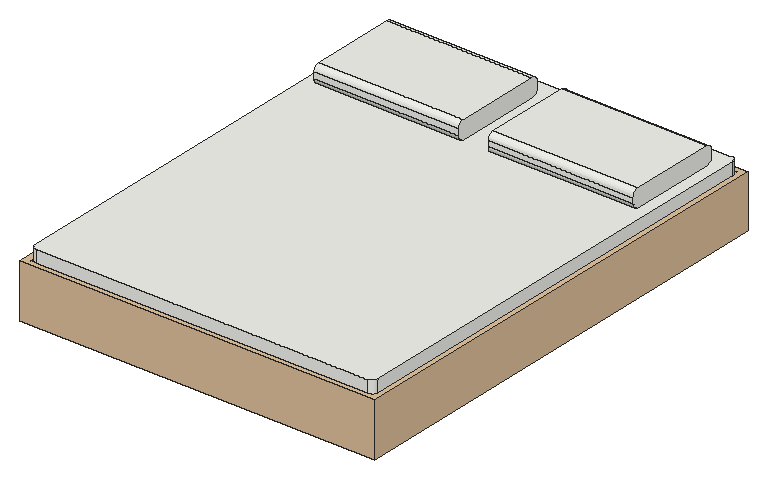
Revit family "M_Cama-Caixa", category Mobiliário, Revit 2019
Family settings
  Número OmniClass = 23.40.20.17.14.11
  Título OmniClass = Beds
  ID de item do Seek = Bed-Box-0000-CAN-ENU
  Com base no plano de trabalho = Não
  Sempre na vertical = Sim
  Corte com vazios quando carregada = Não
  Compartilhado = Não
  Ponto de cálculo do ambiente = Não
Parameters (values of type "1525 x 2007 mm - Queen")
  Material da moldura = Bétula
  Comprimento = 2007.00 mm
  Material do colchão = Linho, branco
  Largura = 1525.00 mm
Types (4, lengths in mm): name | Comprimento | Largura
  (no name) | 2007.00 | 1525.00
  1346 x 1880 mm - Casal | 1880.00 | 1346.00
  1525 x 2007 mm - Queen | 2007.00 | 1525.00
  0965 x 1880 mm - Solteiro | 1880.00 | 965.00
Reference planes
  plane 1 "Centro (Frente/Trás)": y = -234.43
  plane 2: z = 0
  plane 3 "Centro (Esquerda/Direita)": x = 339.152
  plane 4: y = 769.07
  plane 5: y = -1237.93
  plane 6: x = -423.348
  plane 7: x = 1101.652
  plane 8: z = 177.8
  plane 9: y = 667.47
  plane 10: y = 248.37
Forms (mm)
  Sweep 1, solid, material "Bétula" <- "Material da moldura"
    path origin (0, -1237.93, 0) x (1, 0, 0) y (0, 0, 1)
      loop
        line (-397.948, 177.8) -> (-347.148, 177.8) -> (-271.077, 14.665)
        arc (-271.077, 14.665) -> (-261.704, 3.978) -> (-248.056, 0) r 25.4
        line (-248.056, 0) -> (-169.444, 0)
        arc (-169.444, 0) -> (-162.87, 0.865) -> (-156.744, 3.403) r 25.4
        line (-156.744, 3.403) -> (-96.647, 38.1) -> (774.952, 38.1) -> (835.049, 3.403)
        arc (835.049, 3.403) -> (841.175, 0.865) -> (847.749, 0) r 25.4
        line (847.749, 0) -> (926.361, 0)
        arc (926.361, 0) -> (940.009, 3.978) -> (949.382, 14.665) r 25.4
        line (949.382, 14.665) -> (1025.452, 177.8) -> (1076.252, 177.8)
    profile origin (-372.548, -1237.93, 0) x (0, 0, 1) y (0, -1, 0)
      loop
        line (196.85, -228.6) -> (177.8, -228.6) -> (177.8, -304.8) -> (196.85, -304.8) -> (196.85, -228.6)
  Extrusion 2, solid, material "Linho, branco" <- "Material do colchão"
    sketch origin (0, 0, 406.4) x (1, 0, 0) y (0, 1, 0)
      loop
        line (1050.852, 743.67) -> (-372.548, 743.67)
        arc (-372.548, 743.67) -> (-390.508, 736.231) -> (-397.948, 718.27) r 25.4
        line (-397.948, 718.27) -> (-397.948, -1187.13)
        arc (-397.948, -1187.13) -> (-390.508, -1205.09) -> (-372.548, -1212.53) r 25.4
        line (-372.548, -1212.53) -> (1050.852, -1212.53)
        arc (1050.852, -1212.53) -> (1068.813, -1205.09) -> (1076.252, -1187.13) r 25.4
        line (1076.252, -1187.13) -> (1076.252, 718.27)
        arc (1076.252, 718.27) -> (1068.813, 736.231) -> (1050.852, 743.67) r 25.4
    from 0 to -203.2
  Sweep 3, solid, material "Bétula" <- "Material da moldura"
    path origin (0, 769.07, 0) x (1, 0, 0) y (0, 0, 1)
      loop
        line (-397.623, 177.8) -> (-346.823, 177.8) -> (-270.752, 14.665)
        arc (-270.752, 14.665) -> (-261.38, 3.978) -> (-247.732, 0) r 25.4
        line (-247.732, 0) -> (-169.12, 0)
        arc (-169.12, 0) -> (-162.546, 0.865) -> (-156.42, 3.403) r 25.4
        line (-156.42, 3.403) -> (-96.323, 38.1) -> (774.952, 38.1) -> (835.049, 3.403)
        arc (835.049, 3.403) -> (841.175, 0.865) -> (847.749, 0) r 25.4
        line (847.749, 0) -> (926.361, 0)
        arc (926.361, 0) -> (940.009, 3.978) -> (949.382, 14.665) r 25.4
        line (949.382, 14.665) -> (1025.452, 177.8) -> (1076.252, 177.8)
    profile origin (-372.223, 769.07, 0) x (0, 0, 1) y (0, -1, 0)
      loop
        line (177.8, 330.2) -> (177.8, 254) -> (196.85, 254) -> (196.85, 330.2) -> (177.8, 330.2)
  Extrusion 4, solid, material "Bétula" <- "Material da moldura"
    sketch origin (0, 0, 0) x (1, 0, 0) y (0, 1, 0)
      loop
        line (-423.348, 769.07) -> (-423.348, -1237.93) -> (1101.652, -1237.93) -> (1101.652, 769.07) -> (-423.348, 769.07)
      loop
        line (-397.948, 743.67) -> (-397.948, -1212.53) -> (1076.252, -1212.53) -> (1076.252, 743.67) -> (-397.948, 743.67)
    from 127 to 355.6
  Sweep 5, solid, material "Linho, branco" <- "Material do colchão"
    path origin (0, 0, 0) x (1, 0, 0) y (0, 1, 0)
      loop
        line (-347.148, 667.47) -> (275.652, 667.47)
    profile origin (-35.748, 0, 0) x (0, 1, 0) y (0, 0, 1)
      loop
        line (273.77, 406.4) -> (642.07, 406.4)
        arc (642.07, 406.4) -> (660.031, 413.839) -> (667.47, 431.8) r 25.4
        line (667.47, 431.8) -> (667.47, 457.2)
        arc (667.47, 457.2) -> (660.031, 475.161) -> (642.07, 482.6) r 25.4
        line (642.07, 482.6) -> (273.77, 482.6)
        arc (273.77, 482.6) -> (255.81, 475.161) -> (248.37, 457.2) r 25.4
        line (248.37, 457.2) -> (248.37, 431.8)
        arc (248.37, 431.8) -> (255.81, 413.839) -> (273.77, 406.4) r 25.4
  Sweep 6, solid, material "Linho, branco" <- "Material do colchão"
    path origin (749.3, 0, 0) x (1, 0, 0) y (0, 1, 0)
      loop
        line (-346.648, 667.47) -> (276.152, 667.47)
    profile origin (714.052, 0, 0) x (0, 1, 0) y (0, 0, 1)
      loop
        line (273.77, 406.4) -> (642.07, 406.4)
        arc (642.07, 406.4) -> (660.031, 413.839) -> (667.47, 431.8) r 25.4
        line (667.47, 431.8) -> (667.47, 457.2)
        arc (667.47, 457.2) -> (660.031, 475.161) -> (642.07, 482.6) r 25.4
        line (642.07, 482.6) -> (273.77, 482.6)
        arc (273.77, 482.6) -> (255.81, 475.161) -> (248.37, 457.2) r 25.4
        line (248.37, 457.2) -> (248.37, 431.8)
        arc (248.37, 431.8) -> (255.81, 413.839) -> (273.77, 406.4) r 25.4
Lines and regions (mm)
  Masking region 1
    outline origin (0, 0, 0) x (1, 0, 0) y (0, 1, 0)
      loop
        line (-423.348, 769.07) -> (-423.348, -1237.93) -> (1101.652, -1237.93) -> (1101.652, 769.07) -> (-423.348, 769.07)
  symbolic lines
    curve 1: line (-423.348, 769.07, 0) -> (1101.652, 769.07, 0)
    curve 2: line (-423.348, 769.07, 0) -> (-423.348, -1237.93, 0)
    curve 3: line (-423.348, -1237.93, 0) -> (1101.652, -1237.93, 0)
    curve 4: line (1101.652, 769.07, 0) -> (1101.652, -1237.93, 0)
    curve 5: line (-397.948, 743.67, 0) -> (1076.252, 743.67, 0)
    curve 6: line (-397.948, 743.67, 0) -> (-397.948, -1212.53, 0)
    curve 7: line (-397.948, -1212.53, 0) -> (1076.252, -1212.53, 0)
    curve 8: line (1076.252, 743.67, 0) -> (1076.252, -1212.53, 0)
    curve 9: line (-347.148, 667.47, 0) -> (275.652, 667.47, 0)
    curve 10: line (-347.148, 667.47, 0) -> (-347.148, 248.17, 0)
    curve 11: line (-347.148, 248.17, 0) -> (275.652, 248.17, 0)
    curve 12: line (275.652, 667.47, 0) -> (275.652, 248.17, 0)
    curve 13: line (402.652, 667.47, 0) -> (1025.452, 667.47, 0)
    curve 14: line (402.652, 667.47, 0) -> (402.652, 248.17, 0)
    curve 15: line (402.652, 248.17, 0) -> (1025.452, 248.17, 0)
    curve 16: line (1025.452, 667.47, 0) -> (1025.452, 248.17, 0)
    curve 17: line (1076.252, 248.17, 0) -> (-397.948, 19.757, 0)
Dimensions and locks
  equal spacing: plane 6, plane 3 "Centro (Esquerda/Direita)", plane 7
  equal spacing: plane 5, plane 1 "Centro (Frente/Trás)", plane 4
  "Comprimento": plane 5 to plane 4
  "Largura": plane 6 to plane 7
  locked: plane 6 to Sweep 1 sketch curve at 76.2
  locked: Sweep 1 sketch curve to Sweep 1 sketch curve at 78.613  (x2)
  locked: Sweep 1 sketch curve to plane 7 at 76.2
  plane 10 to plane 9 to plane 4 = 419.10 mm, 101.60 mm locked
  aligned and locked: Extrusion 2 sketch curve to Extrusion 4  (x4)
  aligned and locked: curve 14 to Sweep 6 sketch curve
  aligned and locked: curve 16 to Sweep 6 sketch curve
  aligned and locked: curve 9 to Sweep 6 sketch curve
  aligned and locked: plane 7 to Masking region 1 sketch curve
  aligned and locked: plane 4 to Masking region 1 sketch curve
  aligned and locked: Masking region 1 sketch curve to plane 6
  aligned and locked: Masking region 1 sketch curve to plane 5
Automatic sketch dimensions
  Sweep 1 sketch curve to profile plane = 0.00 mm
  Sweep 1 sketch curve to profile plane = 19.05 mm
  Sweep 1 sketch curve to plane 5 = 304.80 mm
  Sweep 1 sketch curve to Sweep 1 sketch curve = 76.20 mm
  Sweep 3 sketch curve to profile plane = 0.00 mm
  Sweep 3 sketch curve to profile plane = 19.05 mm
  plane 4 to Sweep 3 sketch curve = 254.00 mm
  Sweep 3 sketch curve to Sweep 3 sketch curve = 76.20 mm
  Extrusion 4 sketch curve to plane 4 = 0.00 mm
  Extrusion 4 sketch curve to plane 6 = 0.00 mm
  Extrusion 4 sketch curve to plane 5 = 0.00 mm
  Extrusion 4 sketch curve to plane 7 = 0.00 mm
  Extrusion 4 sketch curve to plane 6 = 25.40 mm
  plane 7 to Extrusion 4 sketch curve = 25.40 mm
  Extrusion 4 sketch curve to plane 5 = 25.40 mm
  plane 4 to Extrusion 4 sketch curve = 25.40 mm
  Extrusion 2 sketch curve to Extrusion 2 sketch curve = 25.40 mm  (x3)
  plane 4 to Extrusion 2 sketch curve = 50.80 mm
  Sweep 1 sketch curve to level = 0.00 mm  (x2)
  Sweep 1 sketch curve to plane 6 = 25.40 mm
  level to Sweep 1 sketch curve = 14.665 mm  (x2)
  Sweep 1 sketch curve to Sweep 1 sketch curve = 76.071 mm
  Sweep 1 sketch curve to Sweep 1 sketch curve = 23.02 mm  (x2)
  level to Sweep 1 sketch curve = 3.403 mm  (x2)
  Sweep 1 sketch curve to Sweep 1 sketch curve = 12.70 mm  (x2)
  level to Sweep 1 sketch curve = 38.10 mm
  Sweep 1 sketch curve to Sweep 1 sketch curve = 60.097 mm  (x2)
  Sweep 1 sketch curve to Sweep 1 sketch curve = 250.501 mm
  plane 7 to Sweep 1 sketch curve = 25.40 mm
  level to Sweep 1 sketch curve = 177.80 mm  (x2)
  Sweep 3 sketch curve to level = 0.00 mm  (x2)
  Sweep 3 sketch curve to plane 6 = 25.724 mm
  Sweep 3 sketch curve to Sweep 3 sketch curve = 50.80 mm
  level to Sweep 3 sketch curve = 14.665 mm  (x2)
  Sweep 3 sketch curve to plane 6 = 152.595 mm
  level to Sweep 3 sketch curve = 25.40 mm  (x2)
  Sweep 3 sketch curve to Sweep 3 sketch curve = 78.613 mm  (x2)
  level to Sweep 3 sketch curve = 3.403 mm  (x2)
  Sweep 3 sketch curve to Sweep 3 sketch curve = 12.70 mm  (x2)
  level to Sweep 3 sketch curve = 38.10 mm  (x2)
  Sweep 3 sketch curve to Sweep 3 sketch curve = 60.097 mm  (x2)
  plane 7 to Sweep 3 sketch curve = 326.701 mm
  Sweep 3 sketch curve to Sweep 3 sketch curve = 0.00 mm
  plane 7 to Sweep 3 sketch curve = 76.20 mm
  plane 7 to Sweep 3 sketch curve = 25.40 mm
  level to Sweep 3 sketch curve = 177.80 mm  (x2)
  curve 3 to plane 5 = 0.00 mm
  curve 3 to plane 6 = 0.00 mm
  curve 4 to plane 4 = 0.00 mm
  curve 4 to plane 7 = 0.00 mm
  curve 1 to curve 6 = 25.40 mm
  curve 10 to plane 6 = 76.20 mm
  curve 9 to plane 3 "Centro (Esquerda/Direita)" = 63.50 mm
  plane 3 "Centro (Esquerda/Direita)" to curve 13 = 63.50 mm
  plane 7 to curve 13 = 76.20 mm
  plane 7 to curve 17 = 25.40 mm
  curve 8 to plane 5 = 25.40 mm
  curve 17 to plane 1 "Centro (Frente/Trás)" = 254.186 mm
  curve 17 to curve 11 = 228.414 mm
  curve 15 to curve 11 = 0.00 mm
  curve 17 to curve 15 = 0.00 mm
  plane 4 to curve 10 = 101.60 mm
  plane 4 to curve 14 = 101.60 mm
  plane 4 to curve 8 = 25.40 mm
  Sweep 5 sketch curve to plane 9 = 0.00 mm
  Sweep 5 sketch curve to plane 6 = 76.20 mm
  Sweep 5 sketch curve to plane 3 "Centro (Esquerda/Direita)" = 63.50 mm
  Sweep 5 sketch curve to profile plane = 0.00 mm
  profile plane to Sweep 5 sketch curve = 25.40 mm  (x2)
  Sweep 5 sketch curve to Sweep 5 sketch curve = 368.30 mm
  Sweep 5 sketch curve to Sweep 5 sketch curve = 0.00 mm
  Sweep 5 sketch curve to Sweep 5 sketch curve = 25.40 mm  (x2)
  level to Sweep 5 sketch curve = 406.40 mm
  Sweep 6 sketch curve to profile plane = 0.00 mm
  profile plane to Sweep 6 sketch curve = 25.40 mm  (x2)
  Sweep 6 sketch curve to Sweep 6 sketch curve = 368.30 mm
  Sweep 6 sketch curve to Sweep 6 sketch curve = 0.00 mm
  Sweep 6 sketch curve to Sweep 6 sketch curve = 25.40 mm  (x2)
